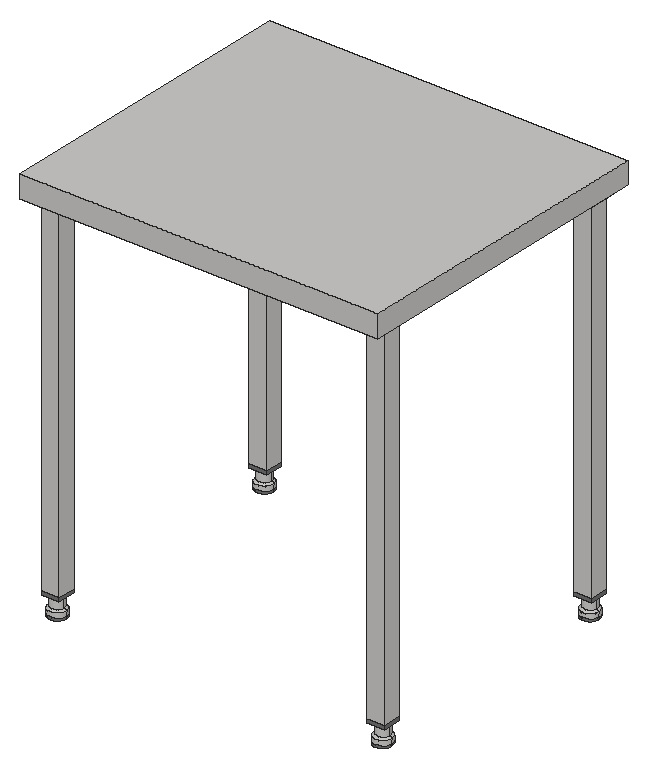
Revit family "QF_ZANUSSI_133217_TG800N", category Attrezzature speciali, Revit 2020
Family settings
  Quota connettore circolare = Usa diametro
  Tipo di parte = Normale
  Basato su piano di lavoro = No
  Sempre verticale = Sì
  Taglio con vuoti quando caricato = No
  Condiviso = No
  Punto di calcolo locali = No
Parameters (values of type "Standard")
  Weight = 28.00 kg
  Watts = 0 W
  Volts = 0 V
  URL Manufacturer = "http://www.zanussiprofessional.com"
  URL = "http://www.zanussiprofessional.com"
  Steam Supply Size = 0 mm
  Steam Supply Minimum Pressure = 0.0 Pa
  Steam Supply Maximum Pressure = 0.0 Pa
  Steam Consumption per Hour = 0
  Refrigeration Suction Line Size = 0.0 mm
  Refrigeration Liquid Line Size = 0.0 mm
  Refrigerant Compressor Remote = yes
  Prospetto di default = 0.0 mm
  Produttore = "Zanussi"
  Phase = 0
  Modello = "TG800N"
  Length Actual = 800.0 mm  # constant formula
  Item Number = "133217"
  Hot Water Size = 0 mm
  Height Actual = 900.0 mm  # constant formula
  HP = "0 HP"
  Gas Size = 0 mm
  Gas KW = 0
  Gas Input Pressure = 0 W
  Direct Waste Size = 0 mm
  Descrizione = "WORK TABLE 800 MM"
  Depth Actual = 700.0 mm  # constant formula
  Cycle = 0 Hz
  Condensate Return Size = 0 mm
  Compressed Air Volume = 0.0 L/s
  Compressed Air Size = 0 mm
  Compressed Air Pressure = 0.0 Pa
  Cold Water Size = 0 mm
  Accessory = yes
Reference planes
  plane 1 "Center (Front/Back)": y = 0
  plane 2: z = 0
  plane 3 "Center (Left/Right)": x = 100
  plane 4 "LEFT": x = -300
  plane 5 "RIGHT": x = 500
  plane 6 "BACK": y = 350
  plane 7 "FRONT": y = -350
  plane 8 "Base": z = 850
  plane 9 "TOP": z = 900
  plane 10: x = -264.5
  plane 11: x = 464.5
  plane 12: y = 290
  plane 13: y = -290
Forms (mm)
  Extrusion 1, solid, material "QF_Finishes_Stainless Steel"
    sketch origin (100, 0, 0) x (0, 1, 0) y (0, 0, 1)
      loop
        line (-350, 850) -> (350, 850) -> (350, 900) -> (-350, 900) -> (-350, 850)
    from 400 to -400
Lines and regions (mm)
  symbolic lines
    curve 1: line (500, 350, 900) -> (-300, 350, 900)
    curve 2: line (-300, 350, 900) -> (-300, -350, 900)
    curve 3: line (-300, -350, 900) -> (500, -350, 900)
    curve 4: line (500, -350, 900) -> (500, 350, 900)
Dimensions and locks
  plane 4 "LEFT" to plane 5 "RIGHT" = 800.0 mm
  equal spacing: plane 4 "LEFT", plane 3 "Center (Left/Right)", plane 5 "RIGHT"
  plane 4 "LEFT" to plane 10 = 35.5 mm
  plane 11 to plane 5 "RIGHT" = 35.5 mm
  plane 10 to plane 11 = 729.0 mm
  locked: plane 9 "TOP" to level at 900
  plane 6 "BACK" to plane 12 = 60.0 mm
  plane 13 to plane 7 "FRONT" = 60.0 mm
  plane 6 "BACK" to plane 7 "FRONT" = 700.0 mm
  plane 12 to plane 13 = 580.0 mm
  equal spacing: plane 6 "BACK", plane 1 "Center (Front/Back)", plane 7 "FRONT"
  locked: plane 8 "Base" to level at 850
  aligned and locked: level to plane 2
  aligned and locked: plane 10 to nested 1
  aligned and locked: nested 1 to plane 13
  aligned and locked: plane 11 to nested 2
  aligned and locked: nested 2 to plane 13
  aligned and locked: plane 11 to nested 4
  aligned and locked: nested 4 to plane 12
  aligned and locked: plane 10 to nested 3
  aligned and locked: nested 3 to plane 12
  aligned and locked: Extrusion 1 to plane 4 "LEFT"
  aligned and locked: plane 5 "RIGHT" to Extrusion 1
  aligned and locked: curve 2 to plane 4 "LEFT"
Automatic sketch dimensions
  Extrusion 1 sketch curve to plane 7 "FRONT" = 0.0 mm
  Extrusion 1 sketch curve to plane 8 "Base" = 0.0 mm
  curve 3 to plane 7 "FRONT" = 0.0 mm
  curve 4 to plane 6 "BACK" = 0.0 mm
  Extrusion 1 sketch curve to plane 9 "TOP" = 0.0 mm
  Extrusion 1 sketch curve to plane 6 "BACK" = 0.0 mm
  curve 4 to plane 5 "RIGHT" = 0.0 mm
Nested families
  nested 1: "FEET_40x40_APP42" at (-264.5, -290, 0), type "FEET_40x40_APP42"
  nested 2: "FEET_40x40_APP42" at (464.5, -290, 0), type "FEET_40x40_APP42"
  nested 3: "FEET_40x40_APP42" at (-264.5, 290, 0), type "FEET_40x40_APP42"
  nested 4: "FEET_40x40_APP42" at (464.5, 290, 0), type "FEET_40x40_APP42"
Definition of nested family "FEET_40x40_APP42"
  Parameters
    Default Elevation = 0.0 mm
    FEET = 850.0 mm
  Reference planes
    plane 1 "Center (Front/Back)": y = 0
    plane 2: z = 0
    plane 3 "Center (Left/Right)": x = 0
    plane 4: z = 850
  Forms (mm)
    Extrusion 1, solid
      sketch origin (0, 0, 0) x (1, 0, 0) y (0, 1, 0)
        loop
          line (-20, -20) -> (20, -20) -> (20, 20) -> (-20, 20) -> (-20, -20)
      from 50 to 845
    Extrusion 2, solid
      sketch origin (0, 0, 0) x (1, 0, 0) y (0, 1, 0)
        loop
          circle (0, 0) r 20
      from 0 to 5
    Extrusion 3, solid
      sketch origin (0, 0, 0) x (1, 0, 0) y (0, 1, 0)
        loop
          line (30, 30) -> (-30, 30) -> (-30, -30) -> (30, -30) -> (30, 30)
      from 845 to 850
    Extrusion 4, solid
      sketch origin (0, 0, 0) x (1, 0, 0) y (0, 1, 0)
        loop
          line (-20, -20) -> (20, -20) -> (20, 20) -> (-20, 20) -> (-20, -20)
      from 50 to 42
    Revolve 5, solid
      sketch origin (0, 0, 0) x (1, 0, 0) y (0, 0, 1)
        loop
          line (0, 42) -> (-15, 42) -> (-15, 20) -> (-20, 15) -> (-20, 5) -> (0, 5) -> (0, 42)
        axis (0, 42) -> (0, 5)
      angle from 0 to 360
  Lines and regions (mm)
    symbolic lines
      curve 1: line (0, -1.503, 0) -> (0, 1.508, 0)
      curve 2: line (1.561, 0, 0) -> (-1.439, 0, 0)
  Dimensions and locks
    "FEET": plane 4 to plane 2
    aligned and locked: level to plane 2
  Automatic sketch dimensions
    plane 1 "Center (Front/Back)" to curve 2 = 0.0 mm
    curve 1 to plane 3 "Center (Left/Right)" = 0.0 mm
    curve 2 to plane 3 "Center (Left/Right)" = 1.439 mm
    plane 3 "Center (Left/Right)" to curve 2 = 1.561 mm
    plane 1 "Center (Front/Back)" to curve 1 = 1.503 mm
    curve 1 to plane 1 "Center (Front/Back)" = 1.508 mm
    Extrusion 1 sketch curve to plane 3 "Center (Left/Right)" = 20.0 mm
    plane 3 "Center (Left/Right)" to Extrusion 1 sketch curve = 20.0 mm
    plane 1 "Center (Front/Back)" to Extrusion 1 sketch curve = 20.0 mm
    Extrusion 1 sketch curve to plane 1 "Center (Front/Back)" = 20.0 mm
    plane 1 "Center (Front/Back)" to Extrusion 2 sketch curve = 0.0 mm
    Extrusion 2 sketch curve to plane 3 "Center (Left/Right)" = 0.0 mm
    Extrusion 3 sketch curve to plane 3 "Center (Left/Right)" = 30.0 mm
    plane 3 "Center (Left/Right)" to Extrusion 3 sketch curve = 30.0 mm
    plane 1 "Center (Front/Back)" to Extrusion 3 sketch curve = 30.0 mm
    Extrusion 3 sketch curve to plane 1 "Center (Front/Back)" = 30.0 mm
    Extrusion 4 sketch curve to plane 3 "Center (Left/Right)" = 20.0 mm
    plane 3 "Center (Left/Right)" to Extrusion 4 sketch curve = 20.0 mm
    plane 1 "Center (Front/Back)" to Extrusion 4 sketch curve = 20.0 mm
    Extrusion 4 sketch curve to plane 1 "Center (Front/Back)" = 20.0 mm
    Revolve 5 sketch curve to plane 3 "Center (Left/Right)" = 0.0 mm  (x2)
    Revolve 5 sketch curve to plane 3 "Center (Left/Right)" = 15.0 mm
    Revolve 5 sketch curve to Revolve 5 sketch curve = 5.0 mm  (x3)
    level to Revolve 5 sketch curve = 5.0 mm
    Revolve 5 sketch curve to Revolve 5 sketch curve = 10.0 mm
    Revolve 5 sketch curve to Revolve 5 sketch curve = 22.0 mm
    Revolve 5 sketch curve to level = 9.561 mm
    radius of Extrusion 2 sketch curve = 20.0 mm
